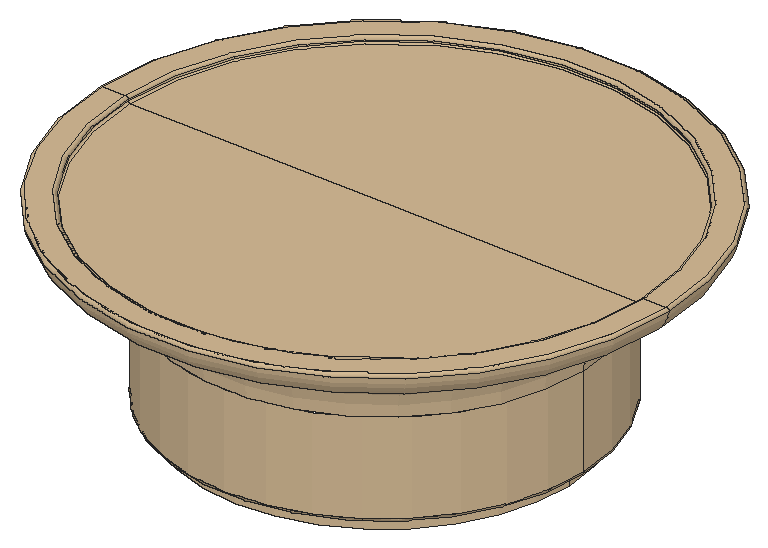
Revit family "MESA DE CENTRO DUDA Ø100 H 34", category Modelos genéricos, Revit 2024
Family settings
  Pode hospedar o vergalhão = Não
  Cota do conector redondo = Utilizar diâmetro
  Tipo de parte = Normal
  Com base no plano de trabalho = Não
  Sempre na vertical = Sim
  Corte com vazios quando carregada = Não
  Manter orientação da anotação = Não
  Compartilhado = Não
  Ponto de cálculo do ambiente = Não
Parameters
  MADEIRA = Madeira, C24
  Elevação padrão = 0 mm
Reference planes
  plane 1 "Centro (Frente/Trás)": y = 0
  plane 2: z = 0
  plane 3 "Centro (Esquerda/Direita)": x = 0
  plane 4: z = 500
  plane 5: x = -300
  plane 6: x = 300
  plane 7: z = 299.244
Forms (mm)
  Revolve 1, solid, material "Madeira, C24"
    sketch origin (0, 0, 0) x (1, 0, 0) y (0, 0, 1)
      loop
        arc (-447.895, 240) -> (-449.602, 240.707) -> (-450.31, 242.414) r 2.414
        line (-450.31, 242.414) -> (-450.31, 245)
        arc (-450.31, 245) -> (-451.774, 248.536) -> (-455.31, 250) r 5
        line (-455.31, 250) -> (-495.031, 250)
        arc (-495.031, 250) -> (-498.758, 248.333) -> (-500, 244.444) r 5
        arc (-500, 244.444) -> (-483.643, 212.732) -> (-450.31, 200) r 50
        arc (-450.31, 200) -> (-379.599, 170.711) -> (-350.31, 100) r 100
        line (-350.31, 100) -> (-350.31, -60)
        arc (-350.31, -60) -> (-348.845, -63.536) -> (-345.31, -65) r 5
        line (-345.31, -65) -> (-325.31, -65) -> (-325.31, -90) -> (0, -90) -> (0, 240) -> (-447.895, 240)
      axis (0, 250) -> (0, -90)
    angle from 0 to 360
Dimensions and locks
  plane 4 to level = 500 mm
  aligned and locked: level to plane 2
